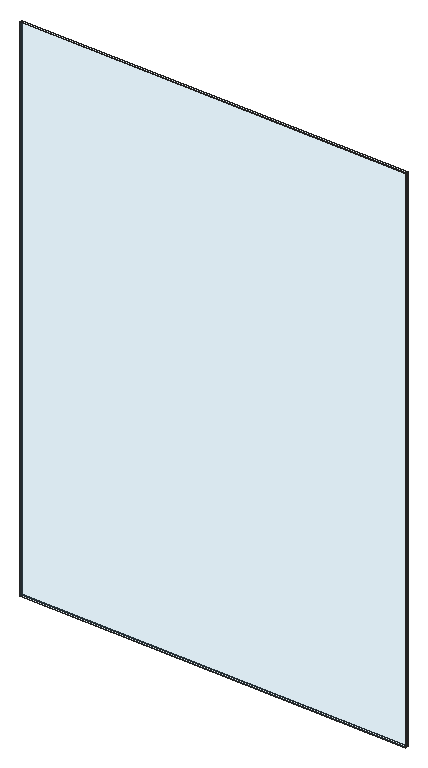
Revit family "ALSPEC ThermAFrame® 101.6  Flush GLZ Thermally Broken", category Curtain Panels, Revit 2017
Family settings
  OmniClass Number = 23.25.20.14.11.11.17
  OmniClass Title = Infill Panels
  Always vertical = Yes
  Cut with Voids When Loaded = No
  Shared = No
Parameters
  YEAR = "2019"
  VERSION = "2.0"
  TODAYS DATE = "05.02.2019"
  SINGLE GLAZED THICKNESS = 8 mm
  DOUBLE GLAZED THICKNESS = 25 mm
  D = B - (2 * A)  # 9 mm
  CREATOR = " Scott Isouard"  # constant formula
  COMPANY = "Archvis"  # constant formula
  C = if(D > 0 mm, B, (2 * A) + 0.8 mm)  # 25 mm
  B = if(DOUBLE GLAZED THICKNESS > 32 mm, 32 mm, if(DOUBLE GLAZED THICKNESS < 16 mm, 16 mm, DOUBLE GLAZED THICKNESS))  # 25 mm
  Assembly Code = ""
  Analytic Construction = "<None>"
  ANZRC Compliant = yes
  A = if(SINGLE GLAZED THICKNESS > 14.5 mm, 14.5 mm, if(SINGLE GLAZED THICKNESS < 6 mm, 6 mm, SINGLE GLAZED THICKNESS))  # 8 mm
Reference planes
  plane 1 "Center (Front/Back)": y = 0
  plane 2: z = 0
  plane 3 "Center (Left/Right)": x = 0
  plane 4 "Left": x = -1500
  plane 5 "Right": x = 1500
  plane 6 "Top": z = 4000
  plane 7: z = -50
  plane 8: y = 22.3
  plane 9: y = 34.8
  plane 10: y = 9.8
  plane 11: y = 26.8
  plane 12: y = 17.8
Forms (mm)
  Extrusion 1, solid, material "Glass"
    sketch origin (0, 0, 0) x (1, 0, 0) y (0, 1, 0)
      loop
        line (-1500, 34.8) -> (-1500, 26.8) -> (1500, 26.8) -> (1500, 34.8) -> (-1500, 34.8)
      loop
        line (-1500, 17.8) -> (-1500, 9.8) -> (1500, 9.8) -> (1500, 17.8) -> (-1500, 17.8)
    from 0 to 4000
Text (mm)
  text "Exterior" at (-1594.545, 108.878, 0), in view "Ref. Level"
  text "Exterior" at (0, 2290.741, 4406.713), in view "Left"
  text "Exterior" at (0, 1328.187, 4120.349), in view "Right"
Dimensions and locks
  equal spacing: plane 4 "Left", plane 3 "Center (Left/Right)", plane 5 "Right"
  locked: plane 7 to plane 2 at 50
  "C": plane 10 to plane 9
  locked: plane 1 "Center (Front/Back)" to plane 8 at 22.3
  "A": plane 10 to plane 12
  "A": plane 11 to plane 9
  equal spacing: plane 10, plane 8, plane 9
  aligned and locked: Extrusion 1 to plane 6 "Top"
  aligned and locked: plane 9 to Extrusion 1 sketch curve
  aligned and locked: Extrusion 1 sketch curve to plane 11
  aligned and locked: plane 12 to Extrusion 1 sketch curve
  aligned and locked: Extrusion 1 sketch curve to plane 10
Automatic sketch dimensions
  Extrusion 1 sketch curve to plane 4 "Left" = 0 mm  (x2)
  Extrusion 1 sketch curve to plane 5 "Right" = 0 mm  (x2)
